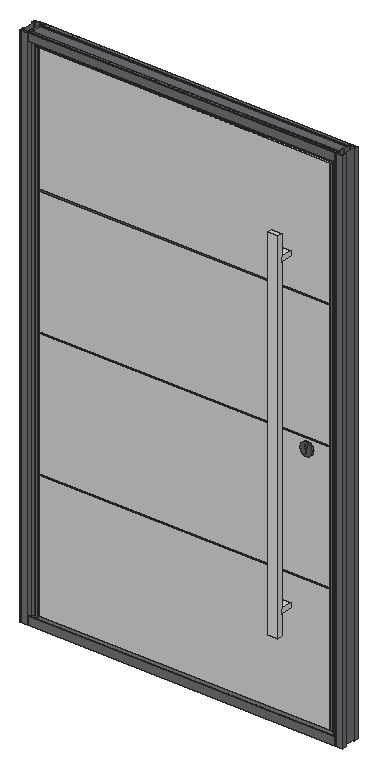
Revit family "YC1321P C7 GG LH", category Doors, host Wall, Revit 2024
Family settings
  Host = Wall
  OmniClass Number = 23.30.10.00
  OmniClass Title = Doors
  Always vertical = Yes
  Cut with Voids When Loaded = No
  Shared = No
  Room Calculation Point = No
Parameters
  Function = Interior
  Frame Projection Ext. = 25 mm
  Frame Projection Int. = 25 mm
  Frame Width = 75 mm
  Height = 2120 mm
  Wall Closure = By host
  Width = 1290 mm
  Analytic Construction = "<None>"
Reference planes
  plane 1: y = 0
  plane 2 "Center (Left/Right)": x = 0
  plane 3 "Left": x = -645
  plane 4 "Right": x = 645
  plane 5: z = 2120
  plane 6 "Exterior": y = 75
  plane 7 "Interior": y = -75
  plane 8: z = 33.5
Forms (mm)
  Sweep 1, solid, material "ALUMINIUM CHAR (TEST)"
    path origin (0, 75, 0) x (-1, 0, 0) y (0, 0, -1)
      loop
        line (-601.2, -30) -> (-601.2, -2075) -> (600, -2075) -> (600, -30)
    profile origin (0.6, 75, 2075) x (0, 0, -1) y (0, -1, 0)
      loop
        line (-15, 55) -> (-15, 53) -> (0.5, 53)
        arc (0.5, 53) -> (1.207, 53.293) -> (1.5, 54) r 1
        line (1.5, 54) -> (1.5, 56.1) -> (0.5, 56.1) -> (0.5, 55) -> (-1, 55) -> (-1, 59.5) -> (0.5, 59.5) -> (0.5, 58.369) -> (1.5, 58.369) -> (1.5, 91.631) -> (0.5, 91.631) -> (0.5, 90.5) -> (-1, 90.5) -> (-1, 95) -> (0.5, 95) -> (0.5, 93.9) -> (1.5, 93.9) -> (1.5, 96)
        arc (1.5, 96) -> (1.207, 96.707) -> (0.5, 97) r 1
        line (0.5, 97) -> (-15, 97) -> (-15, 95) -> (-2.8, 95) -> (-2.8, 88.5) -> (-0.5, 88.5) -> (-0.5, 61.5) -> (-2.8, 61.5) -> (-2.8, 55) -> (-15, 55)
  Extrusion 2, solid, material "ALUMINIUM CHAR (TEST)"
    sketch origin (0, 0, 0) x (0, 1, 0) y (0, 0, -1)
      loop
        line (37.5, -2120) -> (37.5, -2090) -> (7.651, -2090) -> (-4.189, -2090) -> (-37.5, -2090) -> (-37.5, -2120) -> (-22, -2120) -> (-22, -2118.5) -> (-24.5, -2118.5) -> (-24.5, -2115.5) -> (24.5, -2115.5) -> (24.5, -2118.5) -> (22, -2118.5) -> (22, -2120) -> (37.5, -2120)
      loop
        line (32.168, -2118.2) -> (35.6, -2118.2) -> (35.6, -2091.8) -> (32.168, -2091.8) -> (30.896, -2093.072) -> (29.5, -2091.676) -> (28, -2093.176) -> (26.624, -2091.8) -> (-19.438, -2091.8) -> (-26.624, -2091.8) -> (-28, -2093.176) -> (-29.5, -2091.676) -> (-30.896, -2093.072) -> (-32.168, -2091.8) -> (-35.6, -2091.8) -> (-35.6, -2118.2) -> (-32.168, -2118.2) -> (-30.896, -2116.928) -> (-29.5, -2118.324) -> (-28, -2116.824) -> (-26.3, -2118.524) -> (-26.3, -2115.8)
        arc (-26.3, -2115.8) -> (-25.685, -2114.315) -> (-24.2, -2113.7) r 2.1
        line (-24.2, -2113.7) -> (24.2, -2113.7)
        arc (24.2, -2113.7) -> (25.685, -2114.315) -> (26.3, -2115.8) r 2.1
        line (26.3, -2115.8) -> (26.3, -2118.524) -> (28, -2116.824) -> (29.5, -2118.324) -> (30.896, -2116.928) -> (32.168, -2118.2)
      loop
        line (37.5, 0) -> (22, 0) -> (22, -1.5) -> (24.5, -1.5) -> (24.5, -4.5) -> (-24.5, -4.5) -> (-24.5, -1.5) -> (-22, -1.5) -> (-22, 0) -> (-37.5, 0) -> (-37.5, -30) -> (-4.189, -30) -> (7.651, -30) -> (37.5, -30) -> (37.5, 0)
      loop
        line (32.168, -1.8) -> (30.896, -3.072) -> (29.5, -1.676) -> (28, -3.176) -> (26.3, -1.476) -> (26.3, -4.2)
        arc (26.3, -4.2) -> (25.685, -5.685) -> (24.2, -6.3) r 2.1
        line (24.2, -6.3) -> (-24.2, -6.3)
        arc (-24.2, -6.3) -> (-25.685, -5.685) -> (-26.3, -4.2) r 2.1
        line (-26.3, -4.2) -> (-26.3, -1.476) -> (-28, -3.176) -> (-29.5, -1.676) -> (-30.896, -3.072) -> (-32.168, -1.8) -> (-35.6, -1.8) -> (-35.6, -28.2) -> (-32.168, -28.2) -> (-30.896, -26.928) -> (-29.5, -28.324) -> (-28, -26.824) -> (-26.624, -28.2) -> (-19.438, -28.2) -> (26.624, -28.2) -> (28, -26.824) -> (29.5, -28.324) -> (30.896, -26.928) -> (32.168, -28.2) -> (35.6, -28.2) -> (35.6, -1.8) -> (32.168, -1.8)
    from -615 to 615
  Extrusion 3, solid, material "ALUMINIUM CHAR (TEST)"
    sketch origin (0, 0, 30) x (-1, 0, 0) y (0, -1, 0)
      loop
        line (598.5, -21) -> (598.5, 23.179)
        arc (598.5, 23.179) -> (598.26, 23.76) -> (597.679, 24) r 0.821
        line (597.679, 24) -> (584.5, 24)
        arc (584.5, 24) -> (583.5, 23) -> (584.5, 22) r 1
        line (584.5, 22) -> (595.679, 22)
        arc (595.679, 22) -> (596.26, 21.76) -> (596.5, 21.179) r 0.821
        line (596.5, 21.179) -> (596.5, -21)
        arc (596.5, -21) -> (597.5, -22) -> (598.5, -21) r 1
      loop
        line (-599.7, 21) -> (-599.7, -23.179)
        arc (-599.7, -23.179) -> (-599.459, -23.76) -> (-598.879, -24) r 0.821
        line (-598.879, -24) -> (-585.7, -24)
        arc (-585.7, -24) -> (-584.7, -23) -> (-585.7, -22) r 1
        line (-585.7, -22) -> (-596.879, -22)
        arc (-596.879, -22) -> (-597.459, -21.76) -> (-597.7, -21.179) r 0.821
        line (-597.7, -21.179) -> (-597.7, 21)
        arc (-597.7, 21) -> (-598.7, 22) -> (-599.7, 21) r 1
    from 0 to 2043.5
  Extrusion 4, solid, material "ALUMINIUM CHAR (TEST)"
    sketch origin (25, 22, 130) x (-1, 0, 0) y (0, 0, -1)
      loop
        line (620, -1939) -> (620, 94) -> (608, 94) -> (608, -1939) -> (620, -1939)
      loop
        line (-570, -1939) -> (-558, -1939) -> (-558, 94) -> (-570, 94) -> (-570, -1939)
    from 0 to 44
  Extrusion 5, solid, material "ALUMINIUM (METALLIC GREY TEST)"
    sketch origin (25, 22, 130) x (-1, 0, 0) y (0, 0, -1)
      loop
        line (608, -1939) -> (608, 94) -> (-558, 94) -> (-558, -1939) -> (608, -1939)
    from 0 to 4
  Extrusion 6, solid, material "ALUMINIUM (METALLIC GREY TEST)"
    sketch origin (25, -22, 130) x (-1, 0, 0) y (0, 0, 1)
      loop
        line (608, 1939) -> (-558, 1939) -> (-558, -94) -> (608, -94) -> (608, 1939)
    from 0 to 4
  Extrusion 7, solid, material "ALUMINIUM BLACK (TEST)"
    sketch origin (-885.466, 22.873, 859.37) x (-0.681998, 0, 0.731354) y (-0.731354, 0, -0.681998)
      loop
        line (308.833, -701.562) -> (305.907, -698.834) -> (-489.303, -1551.592) -> (-486.377, -1554.32) -> (308.833, -701.562)
      loop
        line (-63.646, -354.22) -> (-66.571, -351.492) -> (-861.781, -1204.25) -> (-858.856, -1206.978) -> (-63.646, -354.22)
      loop
        line (-436.124, -6.878) -> (-439.049, -4.15) -> (-1234.26, -856.909) -> (-1231.334, -859.637) -> (-436.124, -6.878)
    from 0 to 0.873
  Extrusion 8, solid, material "ALUMINIUM BLACK (TEST)"
    sketch origin (-405.722, 27.873, -123.123) x (-1, 0, 0) y (0, 0, -1)
      loop
        circle (-896.954, -1135.623) r 25
    from 0 to 5
  Extrusion 9, solid, material "ALUMINIUM BLACK (TEST)"
    sketch origin (-405.722, -27.873, -123.123) x (-1, 0, 0) y (0, 0, 1)
      loop
        circle (-896.954, 1135.623) r 25
    from 0 to 5
  Extrusion 10, solid, material "Stainless Steel Lever Handle"
    sketch origin (1264.348, 72.873, -21.123) x (1, 0, 0) y (0, 0, 1)
      loop
        line (-878.538, 1720) -> (-878.538, 1700) -> (-838.538, 1700) -> (-838.538, 1720) -> (-878.538, 1720)
      loop
        line (-878.538, 440) -> (-838.538, 440) -> (-838.538, 460) -> (-878.538, 460) -> (-878.538, 440)
    from 5 to 50
  Extrusion 11, solid, material "Stainless Steel Lever Handle"
    sketch origin (-14.789, 87.873, 223.877) x (-1, 0, 0) y (0, 0, -1)
      loop
        line (-400.6, -115) -> (-440.6, -115) -> (-440.6, -1555) -> (-400.6, -1555) -> (-400.6, -115)
    from 0 to 20
  Extrusion 12, solid, material "Stainless Steel Lever Handle"
    sketch origin (1264.348, -72.873, -21.123) x (1, 0, 0) y (0, 0, -1)
      loop
        line (-878.538, -1720) -> (-838.538, -1720) -> (-838.538, -1700) -> (-878.538, -1700) -> (-878.538, -1720)
      loop
        line (-878.538, -440) -> (-878.538, -460) -> (-838.538, -460) -> (-838.538, -440) -> (-878.538, -440)
    from 5 to 50
  Extrusion 13, solid, material "Stainless Steel Lever Handle"
    sketch origin (-14.789, -87.873, 223.877) x (-1, 0, 0) y (0, 0, 1)
      loop
        line (-400.6, 115) -> (-400.6, 1555) -> (-440.6, 1555) -> (-440.6, 115) -> (-400.6, 115)
    from 0 to 20
  Extrusion 14, void
    sketch origin (-140.5, 67.873, -123.123) x (-1, 0, 0) y (0, 0, -1)
      loop
        line (-634.732, -1122.18) -> (-634.732, -1136.773)
        arc (-634.732, -1136.773) -> (-631.732, -1150.865) -> (-628.732, -1136.773) r 7.365
        line (-628.732, -1136.773) -> (-628.732, -1122.18)
        arc (-628.732, -1122.18) -> (-631.732, -1119.18) -> (-634.732, -1122.18) r 3
    from 40 to 45
  Extrusion 15, void
    sketch origin (-140.5, -67.873, -123.123) x (-1, 0, 0) y (0, 0, 1)
      loop
        arc (-634.732, 1122.18) -> (-631.732, 1119.18) -> (-628.732, 1122.18) r 3
        line (-628.732, 1122.18) -> (-628.732, 1136.773)
        arc (-628.732, 1136.773) -> (-631.732, 1150.865) -> (-634.732, 1136.773) r 7.365
        line (-634.732, 1136.773) -> (-634.732, 1122.18)
    from 40 to 45
  Extrusion 16, solid, material "ALUMINIUM CHAR (TEST)"
    sketch origin (0, 0, 0) x (0, -1, 0) y (-1, 0, 0)
      loop
        line (-37.5, -645) -> (-22, -645) -> (-22, -643.5) -> (-24.5, -643.5) -> (-24.5, -640.5) -> (24.5, -640.5) -> (24.5, -643.5) -> (22, -643.5) -> (22, -645) -> (37.5, -645) -> (37.5, -615) -> (17, -615) -> (17, -615.993) -> (18.496, -616.394) -> (18.496, -617.6) -> (0.254, -617.6) -> (0.254, -616.306) -> (3, -616.066) -> (3, -615) -> (-37.5, -615) -> (-37.5, -645)
      loop
        line (-26.624, -616.8) -> (-28, -618.176) -> (-29.5, -616.676) -> (-30.896, -618.072) -> (-32.168, -616.8) -> (-35.6, -616.8) -> (-35.6, -643.2) -> (-32.168, -643.2) -> (-30.896, -641.928) -> (-29.5, -643.324) -> (-28, -641.824) -> (-26.3, -643.524) -> (-26.3, -640.8)
        arc (-26.3, -640.8) -> (-25.685, -639.315) -> (-24.2, -638.7) r 2.1
        line (-24.2, -638.7) -> (24.2, -638.7)
        arc (24.2, -638.7) -> (25.685, -639.315) -> (26.3, -640.8) r 2.1
        line (26.3, -640.8) -> (26.3, -643.524) -> (28, -641.824) -> (29.5, -643.324) -> (30.896, -641.928) -> (32.168, -643.2) -> (35.6, -643.2) -> (35.6, -616.8) -> (32.168, -616.8) -> (30.896, -618.072) -> (29.5, -616.676) -> (28, -618.176) -> (26.624, -616.8) -> (20.239, -616.8)
        arc (20.239, -616.8) -> (19.852, -618.596) -> (18.2, -619.4) r 2.1
        line (18.2, -619.4) -> (0.55, -619.4)
        arc (0.55, -619.4) -> (-1.102, -618.596) -> (-1.49, -616.8) r 2.1
        line (-1.49, -616.8) -> (-26.624, -616.8)
      loop
        line (-37.5, 645) -> (-37.5, 615) -> (3, 615) -> (3, 616.066) -> (0.254, 616.306) -> (0.254, 617.6) -> (18.496, 617.6) -> (18.496, 616.394) -> (17, 615.993) -> (17, 615) -> (37.5, 615) -> (37.5, 645) -> (22, 645) -> (22, 643.5) -> (24.5, 643.5) -> (24.5, 640.5) -> (-24.5, 640.5) -> (-24.5, 643.5) -> (-22, 643.5) -> (-22, 645) -> (-37.5, 645)
      loop
        line (-26.624, 616.8) -> (-1.49, 616.8)
        arc (-1.49, 616.8) -> (-1.102, 618.596) -> (0.55, 619.4) r 2.1
        line (0.55, 619.4) -> (18.2, 619.4)
        arc (18.2, 619.4) -> (19.852, 618.596) -> (20.239, 616.8) r 2.1
        line (20.239, 616.8) -> (26.624, 616.8) -> (28, 618.176) -> (29.5, 616.676) -> (30.896, 618.072) -> (32.168, 616.8) -> (35.6, 616.8) -> (35.6, 643.2) -> (32.168, 643.2) -> (30.896, 641.928) -> (29.5, 643.324) -> (28, 641.824) -> (26.3, 643.524) -> (26.3, 640.8)
        arc (26.3, 640.8) -> (25.685, 639.315) -> (24.2, 638.7) r 2.1
        line (24.2, 638.7) -> (-24.2, 638.7)
        arc (-24.2, 638.7) -> (-25.685, 639.315) -> (-26.3, 640.8) r 2.1
        line (-26.3, 640.8) -> (-26.3, 643.524) -> (-28, 641.824) -> (-29.5, 643.324) -> (-30.896, 641.928) -> (-32.168, 643.2) -> (-35.6, 643.2) -> (-35.6, 616.8) -> (-32.168, 616.8) -> (-30.896, 618.072) -> (-29.5, 616.676) -> (-28, 618.176) -> (-26.624, 616.8)
    from -2120 to 0
  Extrusion 17, solid, material "ALUMINIUM BLACK (TEST)"
    sketch origin (-885.466, -22.873, 859.37) x (-0.681998, 0, 0.731354) y (0.731354, 0, 0.681998)
      loop
        line (308.833, 701.562) -> (-486.377, 1554.32) -> (-489.303, 1551.592) -> (305.907, 698.834) -> (308.833, 701.562)
      loop
        line (-63.646, 354.22) -> (-858.856, 1206.978) -> (-861.781, 1204.25) -> (-66.571, 351.492) -> (-63.646, 354.22)
      loop
        line (-436.124, 6.878) -> (-1231.334, 859.637) -> (-1234.26, 856.909) -> (-439.049, 4.15) -> (-436.124, 6.878)
    from 0 to 0.873
Cuts and joins
  Extrusion 14 cuts Extrusion 8
  Extrusion 15 cuts Extrusion 9
Lines and regions (mm)
  Opening 1
    outline origin (-5000, 75, 0) x (-1, 0, 0) y (0, 0, 1)
      loop
        line (-5645, 0) -> (-4355, 0) -> (-4355, 2120) -> (-5645, 2120) -> (-5645, 0)
  model lines
    curve 1: line (602.851, 22.5, 0) -> (-602.851, 22.5, 0)
    curve 2: line (603, -13, 0) -> (-603, -13, 0)
    curve 8: line (-300, -22.5, 0) -> (-300, -925.5, 0)
    curve 9: arc (603, -22.5, 0) -> (338.517, -661.017, 0) -> (-300, -925.5, 0) r 903
    curve 10: line (-300, 13, 0) -> (-300, 316, 0)
    curve 11: arc (-300, 316, 0) -> (-514.253, 227.253, 0) -> (-603, 13, 0) r 303
  symbolic lines, style "Elevation Swing"
    curve 3: line (645, -75, 1060) -> (-300, -75, 2078)
    curve 4: line (645, -75, 1060) -> (-300, -75, 0)
    curve 5: line (-603, -75, 1045) -> (-300, -75, 2078)
    curve 6: line (-603, -75, 1045) -> (-300, -75, 0)
  model lines, style "Elevation Swing"
    curve 7: line (-300, 0, 0) -> (-300, 0, 2078)
Text (mm)
  text "Exterior" at (-2295.016, 1099.543, 0), in view "Ref. Level"
  text "Exterior" at (0, 1615.38, 3698.081), in view "Left"
  text "Exterior" at (0, 1036.032, 3874.932), in view "Right"
Dimensions and locks
  equal spacing: plane 3 "Left", plane 2 "Center (Left/Right)", plane 4 "Right"
  "Width": plane 3 "Left" to plane 4 "Right"
  "Height": plane 5 to host wall
  host wall to plane 5 = 2120 mm  (x2)
  locked: plane 6 "Exterior" to host wall
  locked: plane 7 "Interior" to host wall
  plane 3 "Left" to plane 4 "Right" = 1290 mm  (x2)
  aligned and locked: plane 1 to host wall
  aligned and locked: Opening 1 sketch curve to level
Automatic sketch dimensions
  curve 7 to level = 0 mm
  plane 5 to curve 7 = 42 mm
  curve 7 to plane 2 "Center (Left/Right)" = 300 mm
  curve 4 to level = 0 mm
  plane 4 "Right" to curve 4 = 0 mm
  curve 6 to plane 2 "Center (Left/Right)" = 300 mm
  plane 5 to curve 5 = 42 mm
  curve 5 to plane 2 "Center (Left/Right)" = 300 mm
  curve 5 to plane 3 "Left" = 42 mm
  plane 8 to curve 5 = 1011.5 mm
  plane 8 to curve 4 = 1026.5 mm
  curve 8 to plane 2 "Center (Left/Right)" = 300 mm
  host wall to curve 10 = 241 mm
  curve 10 to plane 2 "Center (Left/Right)" = 300 mm
  curve 11 to host wall = 13 mm
  host wall to curve 9 = 22.5 mm
  host wall to curve 8 = 850.5 mm
  curve 11 to curve 1 = 0.149 mm
  host wall to curve 2 = 13 mm
  curve 2 to curve 11 = 0 mm
  plane 4 "Right" to curve 1 = 42.149 mm
  curve 2 to curve 9 = 0 mm
  curve 10 to curve 11 = 0 mm
  curve 8 to curve 9 = 0 mm
  plane 4 "Right" to Opening 1 sketch curve = 0 mm
  plane 3 "Left" to Opening 1 sketch curve = 0 mm
  Opening 1 sketch curve to plane 5 = 0 mm
  plane 4 "Right" to Sweep 1 sketch curve = 43.8 mm
  Sweep 1 sketch curve to plane 3 "Left" = 45 mm
  plane 5 to Sweep 1 sketch curve = 45 mm
  Sweep 1 sketch curve to plane 8 = 3.5 mm  (x2)
  profile plane to Sweep 1 sketch curve = 15 mm  (x2)
  profile plane to Sweep 1 sketch curve = 2.8 mm  (x2)
  profile plane to Sweep 1 sketch curve = 1 mm  (x2)
  profile plane to Sweep 1 sketch curve = 0.5 mm
  Sweep 1 sketch curve to profile plane = 0.5 mm  (x6)
  Sweep 1 sketch curve to Sweep 1 sketch curve = 1 mm  (x6)
  profile plane to Sweep 1 sketch curve = 53 mm
  Sweep 1 sketch curve to Sweep 1 sketch curve = 1.1 mm  (x2)
  Sweep 1 sketch curve to Sweep 1 sketch curve = 2.269 mm  (x2)
  Sweep 1 sketch curve to Sweep 1 sketch curve = 1.131 mm  (x2)
  Sweep 1 sketch curve to Sweep 1 sketch curve = 2 mm  (x2)
  Sweep 1 sketch curve to Sweep 1 sketch curve = 27 mm
  Sweep 1 sketch curve to Sweep 1 sketch curve = 6.5 mm
  Extrusion 2 sketch curve to level = 0 mm  (x2)
  plane 5 to Extrusion 2 sketch curve = 0 mm  (x2)
  host wall to Extrusion 2 sketch curve = 37.5 mm  (x2)
  Extrusion 2 sketch curve to plane 8 = 3.5 mm
  Extrusion 2 sketch curve to Extrusion 2 sketch curve = 1.9 mm  (x4)
  Extrusion 2 sketch curve to Extrusion 2 sketch curve = 3.432 mm  (x6)
  Extrusion 2 sketch curve to plane 8 = 5.3 mm  (x2)
  plane 5 to Extrusion 2 sketch curve = 3.072 mm  (x2)
  Extrusion 2 sketch curve to Extrusion 2 sketch curve = 1.272 mm  (x11)
  Extrusion 2 sketch curve to plane 8 = 6.572 mm  (x2)
  level to Extrusion 2 sketch curve = 3.072 mm  (x2)
  Extrusion 2 sketch curve to Extrusion 2 sketch curve = 1.396 mm  (x7)
  Extrusion 2 sketch curve to plane 8 = 5.176 mm  (x2)
  plane 5 to Extrusion 2 sketch curve = 1.676 mm  (x2)
  level to Extrusion 2 sketch curve = 1.676 mm  (x2)
  plane 5 to Extrusion 2 sketch curve = 3.176 mm  (x2)
  Extrusion 2 sketch curve to Extrusion 2 sketch curve = 1.5 mm  (x4)
  level to Extrusion 2 sketch curve = 3.176 mm  (x2)
  Extrusion 2 sketch curve to plane 8 = 6.676 mm  (x2)
  Extrusion 2 sketch curve to Extrusion 2 sketch curve = 1.376 mm  (x4)
  Extrusion 2 sketch curve to Extrusion 2 sketch curve = 1.7 mm  (x4)
  Extrusion 2 sketch curve to Extrusion 2 sketch curve = 1.8 mm  (x5)
  Extrusion 2 sketch curve to Extrusion 2 sketch curve = 0.3 mm  (x6)
  Extrusion 2 sketch curve to Extrusion 2 sketch curve = 2.5 mm  (x2)
  Extrusion 2 sketch curve to Extrusion 2 sketch curve = 7.186 mm  (x2)
  host wall to Extrusion 2 sketch curve = 4.189 mm  (x2)
  Extrusion 2 sketch curve to host wall = 7.651 mm  (x2)
  level to Extrusion 2 sketch curve = 1.5 mm  (x2)
  Extrusion 2 sketch curve to host wall = 22 mm  (x2)
  Extrusion 2 sketch curve to Extrusion 2 sketch curve = 2.2 mm  (x2)
  plane 5 to Extrusion 2 sketch curve = 1.476 mm
  level to Extrusion 2 sketch curve = 1.476 mm
  Extrusion 2 sketch curve to Extrusion 2 sketch curve = 18.973 mm  (x2)
  plane 5 to Extrusion 2 sketch curve = 1.5 mm  (x2)
  Extrusion 2 sketch curve to Extrusion 2 sketch curve = 2.7 mm
  Extrusion 2 sketch curve to Extrusion 2 sketch curve = 20.524 mm  (x2)
  Extrusion 2 sketch curve to Extrusion 2 sketch curve = 0.104 mm  (x2)
  Extrusion 2 sketch curve to Extrusion 2 sketch curve = 3.124 mm
  plane 4 "Right" to Extrusion 3 sketch curve = 45.3 mm
  Extrusion 3 sketch curve to Extrusion 3 sketch curve = 0.821 mm  (x4)
  Extrusion 3 sketch curve to Extrusion 3 sketch curve = 1 mm  (x4)
  Extrusion 3 sketch curve to Extrusion 3 sketch curve = 11.179 mm  (x2)
  host wall to Extrusion 3 sketch curve = 24 mm
  Extrusion 3 sketch curve to plane 3 "Left" = 60.5 mm
  host wall to Extrusion 3 sketch curve = 21 mm
  Extrusion 3 sketch curve to host wall = 21 mm
  Extrusion 3 sketch curve to host wall = 21.179 mm
  plane 4 "Right" to Extrusion 4 sketch curve = 50 mm
  plane 8 to Extrusion 4 sketch curve = 2.5 mm  (x2)
  Extrusion 4 sketch curve to Extrusion 4 sketch curve = 12 mm  (x2)
  Extrusion 4 sketch curve to plane 3 "Left" = 62 mm
  plane 5 to Extrusion 4 sketch curve = 51 mm  (x2)
  plane 4 "Right" to Extrusion 5 sketch curve = 62 mm
  plane 8 to Extrusion 5 sketch curve = 2.5 mm
  Extrusion 5 sketch curve to plane 3 "Left" = 62 mm
  plane 5 to Extrusion 5 sketch curve = 51 mm
  plane 4 "Right" to Extrusion 6 sketch curve = 62 mm
  plane 8 to Extrusion 6 sketch curve = 2.5 mm
  Extrusion 6 sketch curve to plane 3 "Left" = 62 mm
  plane 5 to Extrusion 6 sketch curve = 51 mm
  plane 4 "Right" to Extrusion 7 sketch curve = 62 mm
  plane 8 to Extrusion 7 sketch curve = 507.6 mm
  Extrusion 7 sketch curve to Extrusion 7 sketch curve = 2.925 mm  (x3)
  Extrusion 7 sketch curve to Extrusion 7 sketch curve = 369.553 mm  (x4)
  Extrusion 7 sketch curve to Extrusion 7 sketch curve = 795.21 mm
  Extrusion 7 sketch curve to Extrusion 7 sketch curve = 2.728 mm  (x3)
  Extrusion 7 sketch curve to Extrusion 7 sketch curve = 344.614 mm  (x2)
  plane 4 "Right" to Extrusion 8 sketch curve = 153.768 mm
  plane 8 to Extrusion 8 sketch curve = 979 mm
  plane 4 "Right" to Extrusion 9 sketch curve = 153.768 mm
  plane 8 to Extrusion 9 sketch curve = 979 mm
  plane 4 "Right" to Extrusion 10 sketch curve = 259.19 mm  (x2)
  Extrusion 10 sketch curve to Extrusion 10 sketch curve = 40 mm  (x2)
  plane 8 to Extrusion 10 sketch curve = 385.377 mm
  Extrusion 10 sketch curve to Extrusion 10 sketch curve = 20 mm  (x2)
  plane 5 to Extrusion 10 sketch curve = 441.123 mm
  plane 4 "Right" to Extrusion 11 sketch curve = 219.19 mm
  Extrusion 11 sketch curve to Extrusion 11 sketch curve = 40 mm
  plane 5 to Extrusion 11 sketch curve = 341.123 mm
  plane 8 to Extrusion 11 sketch curve = 305.377 mm
  plane 4 "Right" to Extrusion 12 sketch curve = 259.19 mm  (x2)
  Extrusion 12 sketch curve to Extrusion 12 sketch curve = 40 mm  (x2)
  plane 5 to Extrusion 12 sketch curve = 421.123 mm
  Extrusion 12 sketch curve to Extrusion 12 sketch curve = 20 mm  (x2)
  plane 8 to Extrusion 12 sketch curve = 405.377 mm
  plane 4 "Right" to Extrusion 13 sketch curve = 219.19 mm
  Extrusion 13 sketch curve to Extrusion 13 sketch curve = 40 mm
  plane 8 to Extrusion 13 sketch curve = 305.377 mm
  plane 5 to Extrusion 13 sketch curve = 341.123 mm
  plane 4 "Right" to Extrusion 14 sketch curve = 150.768 mm
  Extrusion 14 sketch curve to Extrusion 14 sketch curve = 3 mm  (x2)
  plane 8 to Extrusion 14 sketch curve = 986.877 mm
  Extrusion 14 sketch curve to Extrusion 14 sketch curve = 6.726 mm
  Extrusion 14 sketch curve to Extrusion 14 sketch curve = 14.593 mm
  plane 4 "Right" to Extrusion 15 sketch curve = 150.768 mm
  Extrusion 15 sketch curve to Extrusion 15 sketch curve = 3 mm  (x2)
  plane 8 to Extrusion 15 sketch curve = 965.558 mm
  Extrusion 15 sketch curve to Extrusion 15 sketch curve = 14.593 mm
  Extrusion 15 sketch curve to Extrusion 15 sketch curve = 6.726 mm
  Extrusion 16 sketch curve to plane 4 "Right" = 0 mm  (x2)
  Extrusion 16 sketch curve to plane 3 "Left" = 0 mm  (x2)
  Extrusion 16 sketch curve to host wall = 37.5 mm  (x2)
  Extrusion 16 sketch curve to Extrusion 16 sketch curve = 1.9 mm  (x4)
  Extrusion 16 sketch curve to Extrusion 16 sketch curve = 3.432 mm  (x6)
  Extrusion 16 sketch curve to Extrusion 16 sketch curve = 1.272 mm  (x10)
  Extrusion 16 sketch curve to plane 3 "Left" = 3.072 mm  (x2)
  plane 4 "Right" to Extrusion 16 sketch curve = 3.072 mm  (x2)
  plane 4 "Right" to Extrusion 16 sketch curve = 1.676 mm  (x2)
  Extrusion 16 sketch curve to Extrusion 16 sketch curve = 1.396 mm  (x8)
  Extrusion 16 sketch curve to plane 3 "Left" = 1.676 mm  (x2)
  Extrusion 16 sketch curve to Extrusion 16 sketch curve = 1.5 mm  (x7)
  Extrusion 16 sketch curve to plane 3 "Left" = 3.176 mm  (x2)
  plane 4 "Right" to Extrusion 16 sketch curve = 3.176 mm  (x2)
  Extrusion 16 sketch curve to Extrusion 16 sketch curve = 1.376 mm  (x4)
  Extrusion 16 sketch curve to Extrusion 16 sketch curve = 1.7 mm  (x4)
  Extrusion 16 sketch curve to Extrusion 16 sketch curve = 1.8 mm  (x7)
  Extrusion 16 sketch curve to Extrusion 16 sketch curve = 0.3 mm  (x8)
  Extrusion 16 sketch curve to Extrusion 16 sketch curve = 2.5 mm  (x3)
  Extrusion 16 sketch curve to host wall = 1.49 mm  (x2)
  host wall to Extrusion 16 sketch curve = 0.254 mm  (x2)
  Extrusion 16 sketch curve to Extrusion 16 sketch curve = 0.296 mm  (x4)
  Extrusion 16 sketch curve to Extrusion 16 sketch curve = 2.45 mm  (x2)
  Extrusion 16 sketch curve to Extrusion 16 sketch curve = 14 mm  (x2)
  Extrusion 16 sketch curve to Extrusion 16 sketch curve = 1.2 mm  (x2)
  Extrusion 16 sketch curve to Extrusion 16 sketch curve = 1.744 mm  (x2)
  Extrusion 16 sketch curve to plane 3 "Left" = 1.5 mm  (x2)
  host wall to Extrusion 16 sketch curve = 22 mm  (x2)
  plane 4 "Right" to Extrusion 16 sketch curve = 1.5 mm  (x2)
  Extrusion 16 sketch curve to Extrusion 16 sketch curve = 2.2 mm  (x2)
  plane 4 "Right" to Extrusion 16 sketch curve = 1.476 mm
  Extrusion 16 sketch curve to Extrusion 16 sketch curve = 6.385 mm  (x2)
  plane 4 "Right" to Extrusion 16 sketch curve = 1.8 mm
  Extrusion 16 sketch curve to plane 3 "Left" = 1.8 mm
  Extrusion 16 sketch curve to Extrusion 16 sketch curve = 2.7 mm
  Extrusion 16 sketch curve to Extrusion 16 sketch curve = 19.3 mm
  Extrusion 16 sketch curve to Extrusion 16 sketch curve = 20.524 mm
  Extrusion 16 sketch curve to Extrusion 16 sketch curve = 1.224 mm
  Extrusion 16 sketch curve to Extrusion 16 sketch curve = 0.104 mm  (x2)
  Extrusion 16 sketch curve to Extrusion 16 sketch curve = 0.906 mm  (x2)
  Extrusion 16 sketch curve to Extrusion 16 sketch curve = 0.994 mm
  Extrusion 16 sketch curve to Extrusion 16 sketch curve = 1.234 mm
  Extrusion 16 sketch curve to Extrusion 16 sketch curve = 0.401 mm  (x2)
  Extrusion 16 sketch curve to Extrusion 16 sketch curve = 28.5 mm
  Extrusion 16 sketch curve to Extrusion 16 sketch curve = 0 mm
  Extrusion 16 sketch curve to Extrusion 16 sketch curve = 0.993 mm
  Extrusion 16 sketch curve to Extrusion 16 sketch curve = 1.066 mm
  Extrusion 16 sketch curve to Extrusion 16 sketch curve = 0.24 mm
  Extrusion 16 sketch curve to Extrusion 16 sketch curve = 1.676 mm  (x2)
  Extrusion 16 sketch curve to Extrusion 16 sketch curve = 0.124 mm
  Extrusion 16 sketch curve to Extrusion 16 sketch curve = 0.406 mm
  Extrusion 16 sketch curve to Extrusion 16 sketch curve = 3.124 mm
  plane 4 "Right" to Extrusion 17 sketch curve = 62 mm
  plane 8 to Extrusion 17 sketch curve = 507.6 mm
  Extrusion 17 sketch curve to Extrusion 17 sketch curve = 2.925 mm  (x3)
  Extrusion 17 sketch curve to Extrusion 17 sketch curve = 369.553 mm  (x4)
  Extrusion 17 sketch curve to Extrusion 17 sketch curve = 795.21 mm
  Extrusion 17 sketch curve to Extrusion 17 sketch curve = 155.347 mm
  Extrusion 17 sketch curve to Extrusion 17 sketch curve = 2.728 mm  (x2)
  Extrusion 17 sketch curve to Extrusion 17 sketch curve = 344.614 mm  (x2)
  radius of Extrusion 8 sketch curve = 25 mm
  radius of Extrusion 9 sketch curve = 25 mm
